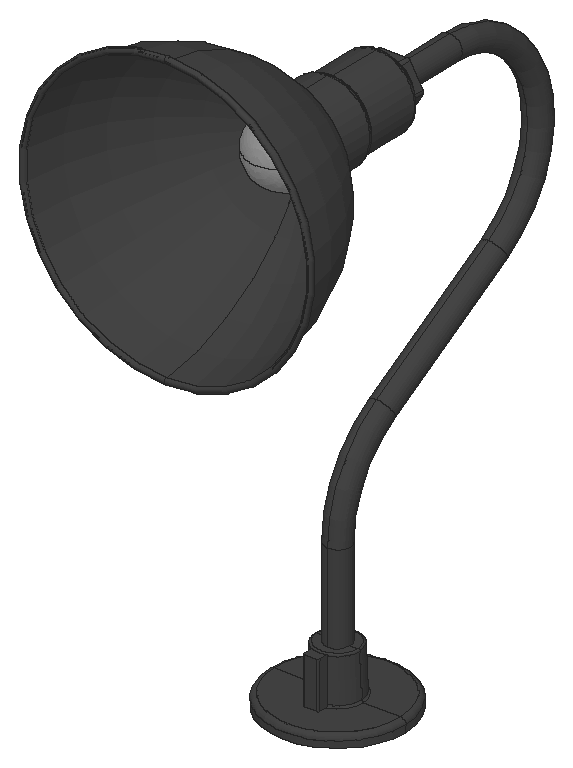
Revit family "BLE-G-DBW-G11-E26", category Lighting Fixtures, host Face, Revit 2022
Family settings
  Host = Face
  Round Connector Dimension = Use Diameter
  Part Type = Normal
  Cut with Voids When Loaded = No
  Light Source = Yes
  Maintain Annotation Orientation = No
  Shared = No
  Room Calculation Point = No
Parameters (values of type "10"")
  Wattage = 5.72229 W
  built-in parameter 1150110 = 1 (stored number, unit not read)
  built-in parameter 1114217 = 1 (stored number, unit not read)
  Tilt Angle = 0.00°
  built-in parameter 1150109 = 1 (stored number, unit not read)
  built-in parameter 1150134 = (empty or 0)
  built-in parameter 1150113 = 1 (stored number, unit not read)
  Gooseneck Material = 100 - Black
  Shade Material = 100 - Black
  Photometric Web File = "generic"
  built-in parameter 1150142 = (empty or 0)
  built-in parameter 1150105 = 67.641 (stored number, unit not read)
  Lumens = 850 lm
  built-in parameter 1150115 = 1 (stored number, unit not read)
  built-in parameter 1150137 = (empty or 0)
  built-in parameter 1150139 = (empty or 0)
  built-in parameter 1150112 = 1 (stored number, unit not read)
  built-in parameter 1150114 = 1 (stored number, unit not read)
  built-in parameter 1150132 = 2
  built-in parameter 1150102 = (empty or 0)
  built-in parameter 1150107 = 3000 (stored number, unit not read)
  built-in parameter 1150138 = (empty or 0)
  built-in parameter 1150106 = 0.67641 (stored number, unit not read)
  24" = no
  built-in parameter 1150104 = 13.8 (stored number, unit not read)
  20" = no
  Dimming Lamp Color Temperature Shift = <None>
  Default Elevation = 4' - 0"
  Color Filter = 16777215
  Base Material = 100 - Black
  built-in parameter 1114218 = 1 (stored number, unit not read)
  built-in parameter 1150133 = 10 (stored number, unit not read)
  16" = no
  14" = no
  12" = no
  10" = yes
Types (7): name | 24" | 20" | 16" | 14" | 12" | 10"
  (no name) | no | no | no | no | no | yes
  12" | no | no | no | no | yes | no
  14" | no | no | no | yes | no | no
  16" | no | no | yes | no | no | no
  10" | no | no | no | no | no | yes
  20" | no | yes | no | no | no | no
  24" | yes | no | no | no | no | no
Reference planes (in)
  plane 1 "Center (Front/Back)": y = 0
  plane 2: z = 0
  plane 3 "Center (Left/Right)": x = 0
Lines and regions (in)
  reference lines
    curve 1: line (0, 32, 0) -> (0, -36, 0)
    curve 2: line (-33.11947, 0, 0) -> (37.88053, 0, 0)
Dimensions and locks (in)
  plane 1 "Center (Front/Back)" to imposter light = 0' - 1 1/2"
  aligned and locked: plane 2 to host face
  aligned and locked: level to host face
  aligned and locked: plane 3 "Center (Left/Right)" to nested 1
  aligned and locked: plane 1 "Center (Front/Back)" to nested 1
  aligned and locked: nested 4 to imposter light
  aligned and locked: plane 3 "Center (Left/Right)" to nested 2
  aligned and locked: nested 3 to plane 3 "Center (Left/Right)"
  aligned and locked: nested 5 to nested 3
  aligned and locked: imposter light to nested 6
  aligned and locked: nested 6 to imposter light
  aligned and locked: nested 5 to imposter light
  aligned and locked: nested 7 to nested 3
  aligned and locked: nested 3 to nested 7
  aligned and locked: imposter light to nested 3
Nested families (in)
  nested 1: "WBP-7501" at (0, 0, 0), type "WBP-7501"
  nested 2: "GNK-5011" at (0, 0, 1.975), type "GNK-5011"
  nested 3: "DBW Shade" at (0, 1.7463, 17.98405) x (0, 0, -1) z (0, -1, 0), type "DBW Shade"
    with 24" no, 20" no, 16" no, 14" no, 12" no
  nested 4: "103264" at (0, -3.60156, 17.98405) x (0, 0, -1) z (0, -1, 0), type "103264"
    with Heat Sink 9" no
  nested 5: "CPL-0004" at (0, 2.39648, 17.98405) x (1, 0, 0) z (0, -1, 0), type "CPL-0004"
  nested 6: "E26 Socket Assy" at (0, 1.70723, 17.98405) x (0, 0, -1) z (0, -1, 0), type "E26 Socket Assy"
  nested 7: "E26 Bulb" at (0, -0.54775, 17.98405) x (1, 0, 0) z (0, -1, 0), type "E26 Bulb"
Connectors (in)
  electrical at (0, 0, 0)
    settings: index 1, voltage 0 V, apparent load 0 VA, apparent load phase1 0 VA, apparent load phase2 0 VA, apparent load phase3 0 VA, power factor 1, load classification "Other", number of poles 1, system type 31, power factor state 1, is connector primary yes, connector utility no, sub classification motor no, connector description ""
Definition of nested family "WBP-7501"
  Parameters (values of type "WBP-7501")
    Default Elevation = 3' - 0"
    Base Material = none
  Reference planes (in)
    plane 1 "Center (Front/Back)": y = 0
    plane 2: z = 0
    plane 3 "Center (Left/Right)": x = 0
    plane 4 "Base Dia": x = -2.325
    plane 5 "Base Height": z = 0.4
    plane 6 "Fillet Radius": z = 0.225
    plane 7: z = 0.458
    plane 8: x = -0.87
    plane 9: x = -0.81
    plane 10: x = -0.76
    plane 11: z = 1.917
    plane 12: z = 1.975
    plane 13: x = -0.7
    plane 14: x = -0.2595
    plane 15: x = 0.2595
    plane 16: y = -1.135
  Forms (in)
    Extrusion 1, solid
      sketch origin (0, 0, 0) x (1, 0, 0) y (0, 1, 0)
        loop
          line (-48, 48) -> (-48, -48) -> (48, -48) -> (48, 48) -> (-48, 48)
      from 0 to -12
    Revolve 2, solid, material <- "Base Material"
      sketch origin (0, 0, 0) x (1, 0, 0) y (0, 0, 1)
        loop
          line (0, 0) -> (0, 1.975) -> (-0.7, 1.975)
          arc (-0.7, 1.975) -> (-0.74172, 1.95814) -> (-0.76, 1.91702) r 0.06003
          line (-0.76, 1.91702) -> (-0.81, 0.458)
          arc (-0.81, 0.458) -> (-0.82699, 0.41699) -> (-0.868, 0.4) r 0.058
          line (-0.868, 0.4) -> (-2.15, 0.4)
          arc (-2.15, 0.4) -> (-2.27374, 0.34874) -> (-2.325, 0.225) r 0.175
          line (-2.325, 0.225) -> (-2.325, 0) -> (0, 0)
        axis (0, 0) -> (0, 1.975)
      angle from 0 to 360
    Extrusion 3, solid, material <- "Base Material"
      sketch origin (0, 0, 0) x (1, 0, 0) y (0, 1, 0)
        loop
          line (-0.2595, -0.76731) -> (-0.2595, -1.075)
          arc (-0.2595, -1.075) -> (-0.24193, -1.11743) -> (-0.1995, -1.135) r 0.06
          line (-0.1995, -1.135) -> (0.1995, -1.135)
          arc (0.1995, -1.135) -> (0.24193, -1.11743) -> (0.2595, -1.075) r 0.06
          line (0.2595, -1.075) -> (0.2595, -0.76731)
          arc (0.2595, -0.76731) -> (0, -0.81) -> (-0.2595, -0.76731) r 0.81
      from 0 to 1.975
  Cuts and joins
    joined: Revolve 2, Extrusion 3
  Dimensions and locks (in)
    plane 4 "Base Dia" to plane 3 "Center (Left/Right)" = 0' - 2.325"
    locked: plane 5 "Base Height" to Extrusion 1 at 0.4
    locked: plane 3 "Center (Left/Right)" to plane 4 "Base Dia" at 2.325
    locked: plane 5 "Base Height" to plane 6 "Fillet Radius" at 0.175
    locked: plane 3 "Center (Left/Right)" to plane 9 at 0.81
    locked: plane 3 "Center (Left/Right)" to plane 8 at 0.87
    locked: plane 3 "Center (Left/Right)" to plane 10 at 0.76
    locked: plane 3 "Center (Left/Right)" to plane 13 at 0.7
    locked: plane 11 to plane 5 "Base Height" at 1.517
    locked: plane 12 to plane 5 "Base Height" at 1.575
    locked: plane 7 to plane 5 "Base Height" at 0.058
    locked: plane 14 to plane 3 "Center (Left/Right)" at 0.2595
    locked: plane 3 "Center (Left/Right)" to plane 15 at 0.2595
    locked: plane 16 to plane 1 "Center (Front/Back)" at 1.135
    radius of Revolve 2 sketch curve = 0' - 0.175"
    aligned and locked: plane 2 to Extrusion 1
    aligned and locked: level to Extrusion 1
    aligned and locked: Revolve 2 sketch curve to plane 5 "Base Height"
    aligned and locked: plane 9 to Revolve 2 sketch curve
    aligned and locked: plane 3 "Center (Left/Right)" to Revolve 2 sketch curve
    aligned and locked: plane 15 to Extrusion 3 sketch curve
    aligned and locked: Extrusion 3 sketch curve to plane 16
    aligned and locked: Extrusion 3 sketch curve to plane 14
  Automatic sketch dimensions
    Extrusion 1 sketch curve to Extrusion 1 sketch curve = 8' - 0"  (x2)
    Revolve 2 sketch curve to level = 0' - 0"
    Revolve 2 sketch curve to plane 4 "Base Dia" = 0' - 0"
    Revolve 2 sketch curve to plane 7 = 0' - 0"  (x2)
    plane 10 to Revolve 2 sketch curve = 0' - 0"
    Revolve 2 sketch curve to plane 12 = 0' - 0"
    Revolve 2 sketch curve to plane 13 = 0' - 0"
    Revolve 2 sketch curve to plane 3 "Center (Left/Right)" = 0' - 0"
    Revolve 2 sketch curve to Revolve 2 sketch curve = 0' - 0.22742"
    Revolve 2 sketch curve to Revolve 2 sketch curve = 0' - 1.76377"
    plane 1 "Center (Front/Back)" to Extrusion 3 sketch curve = 0' - 0"
    Extrusion 3 sketch curve to plane 3 "Center (Left/Right)" = 0' - 0"
    plane 14 to Extrusion 3 sketch curve = 0' - 0.06"
    Extrusion 3 sketch curve to plane 15 = 0' - 0.06"
    Extrusion 3 sketch curve to Extrusion 3 sketch curve = 0' - 0.30769"
Definition of nested family "GNK-5011"
  Parameters (values of type "GNK-5011")
    Gooseneck Material = none
    Default Elevation = 2' - 0"
  Reference planes (in)
    plane 1 "Center (Front/Back)": y = 0
    plane 2: z = 0
    plane 3 "Center (Left/Right)": x = 0
    plane 4 "Wood Height": z = 0
  Forms (in)
    Extrusion 1, solid
      sketch origin (0, 0, 0) x (1, 0, 0) y (0, 1, 0)
        loop
          line (-48, 48) -> (-48, -48) -> (48, -48) -> (48, 48) -> (-48, 48)
      from 0 to -12
    Sweep 2, solid, material <- "Gooseneck Material"
      path origin (0, 0, 0) x (0, 1, 0) y (0, 0, 1)
        loop
          line (0, 0) -> (0, 3.00192)
          arc (0, 3.00192) -> (0.50196, 4.87525) -> (1.87333, 6.24663) r 3.74666
          line (1.87333, 6.24663) -> (6.64647, 9.0024)
          arc (6.64647, 9.0024) -> (8.39369, 13.22057) -> (4.77147, 16) r 3.75
          line (4.77147, 16) -> (2.39648, 16)
      profile origin (0, 0, 1.50096) x (0, -1, 0) y (1, 0, 0)
        loop
          circle (0, 0) r 0.42
  Dimensions and locks (in)
    aligned and locked: plane 2 to Extrusion 1
    aligned and locked: level to Extrusion 1
    aligned and locked: Extrusion 1 to plane 4 "Wood Height"
    aligned and locked: Extrusion 1 to Sweep 2 sketch curve
  Automatic sketch dimensions
    Extrusion 1 sketch curve to Extrusion 1 sketch curve = 8' - 0"  (x2)
    Sweep 2 sketch curve to plane 3 "Center (Left/Right)" = 0' - 0"
    Sweep 2 sketch curve to profile plane = 0' - 0"
    Sweep 2 sketch curve to plane 1 "Center (Front/Back)" = 0' - 0"
    Sweep 2 sketch curve to plane 1 "Center (Front/Back)" = 0' - 1.87333"
    Sweep 2 sketch curve to plane 1 "Center (Front/Back)" = 0' - 4.77147"
    Sweep 2 sketch curve to Sweep 2 sketch curve = 0' - 1 7/8"
    level to Sweep 2 sketch curve = 0' - 3.00192"
    Sweep 2 sketch curve to Sweep 2 sketch curve = 0' - 3.2476"
    Sweep 2 sketch curve to Sweep 2 sketch curve = 0' - 2 3/8"
    radius of Sweep 2 sketch curve = 0' - 0.42"
Definition of nested family "DBW Shade"
  Parameters (values of type "DBW Shade")
    Shade Material = none
    Default Elevation = 2' - 0"
    24" = yes
    20" = yes
    10" = yes
    16" = yes
    14" = yes
    12" = yes
  Reference planes (in)
    plane 1 "Center (Front/Back)": y = 0
    plane 2: z = 0
    plane 3 "Center (Left/Right)": x = 0
  Forms (in)
    Extrusion 1, solid
      sketch origin (0, 0, 0) x (1, 0, 0) y (0, 1, 0)
        loop
          line (-48, 48) -> (-48, -48) -> (48, -48) -> (48, 48) -> (-48, 48)
      from 0 to -12
  Dimensions and locks (in)
    aligned and locked: plane 2 to Extrusion 1
    aligned and locked: level to Extrusion 1
    aligned and locked: plane 1 "Center (Front/Back)" to nested 1
    aligned and locked: plane 3 "Center (Left/Right)" to nested 1
    aligned and locked: plane 3 "Center (Left/Right)" to nested 2
    aligned and locked: plane 1 "Center (Front/Back)" to nested 2
    aligned and locked: plane 1 "Center (Front/Back)" to nested 3
    aligned and locked: plane 3 "Center (Left/Right)" to nested 3
    aligned and locked: plane 1 "Center (Front/Back)" to nested 4
    aligned and locked: plane 1 "Center (Front/Back)" to nested 5
    aligned and locked: plane 3 "Center (Left/Right)" to nested 5
    aligned and locked: plane 3 "Center (Left/Right)" to nested 6
    aligned and locked: plane 1 "Center (Front/Back)" to nested 6
    aligned and locked: plane 3 "Center (Left/Right)" to nested 4
  Nested families (in)
    nested 1: "SHD-0028" at (0, 0, 0), visible <- "10"", type "SHD-0028"
    nested 2: "SHD-0029" at (0, 0, 0), visible <- "12"", type "SHD-0029"
    nested 3: "SHD-0114" at (0, 0, 0), visible <- "14"", type "SHD-0114"
    nested 4: "SHD-0115" at (0, 0, 0), visible <- "16"", type "SHD-0115"
    nested 5: "SHD-0308" at (0, 0, 0), visible <- "24"", type "SHD-0308"
    nested 6: "SHD-0223" at (0, 0, 0), visible <- "20"", type "SHD-0223"
  Definition of nested family "SHD-0028"
    Parameters (values of type "SHD-0028")
      Shade Material = none
      Default Elevation = 2' - 0"
    Reference planes (in)
      plane 1 "Center (Front/Back)": y = 0
      plane 2: z = 0
      plane 3 "Center (Left/Right)": x = 0
      plane 4 "Wood Height": z = 0
      plane 5 "Nut Radius": x = -1.03713
      plane 6 "Nut Flat": x = -0.861
      plane 7 "Shade Thickness": z = 0.04
      plane 8 "Lower Shade bottom": z = 9.109
      plane 9 "Lower Shade Outer Dia": x = -5
      plane 10 "Shade Top Dia": x = -1.20713
      plane 11 "Shade Middle Radius Height1": z = 1.965
      plane 12 "Shade Lower Diameter1": x = -1.44113
      plane 13 "Shade Top Radius": x = -1.29713
      plane 14 "Shade Middle Radious Height2": z = 2.105
      plane 15 "Shade Middle Radius Diameter2": x = -1.41363
      plane 16 "Lip Height": z = 9.029
      plane 17 "Bowl Start": z = 3.545
      plane 18: x = -4.85
      plane 19: z = 9.069
    Forms (in)
      Extrusion 1, solid
        sketch origin (0, 0, 0) x (1, 0, 0) y (0, 1, 0)
          loop
            line (-48, 48) -> (-48, -48) -> (48, -48) -> (48, 48) -> (-48, 48)
        from 0 to -12
      Revolve 2, solid, material <- "Shade Material"
        sketch origin (0, 0, 0) x (1, 0, 0) y (0, 0, 1)
          loop
            line (0, 0) -> (0, 0.03906) -> (-1.20713, 0.03906)
            arc (-1.20713, 0.03906) -> (-1.24314, 0.05398) -> (-1.25806, 0.09) r 0.05094
            line (-1.25806, 0.09) -> (-1.25806, 1.94384)
            arc (-1.25806, 1.94384) -> (-1.26409, 1.97759) -> (-1.28141, 2.00717) r 0.09757
            line (-1.28141, 2.00717) -> (-1.37456, 2.11635) -> (-1.37456, 3.48096)
            arc (-1.37456, 3.48096) -> (-1.39014, 3.54099) -> (-1.43295, 3.58588) r 0.12347
            arc (-1.43295, 3.58588) -> (-3.7536, 5.90437) -> (-4.80544, 9.01154) r 7.20294
            arc (-4.80544, 9.01154) -> (-4.99326, 9.04214) -> (-4.84504, 8.9228) r 0.09841
            line (-4.84504, 8.9228) -> (-4.86619, 8.95581)
            arc (-4.86619, 8.95581) -> (-4.95809, 9.02506) -> (-4.84432, 9.00777) r 0.05934
            arc (-4.84432, 9.00777) -> (-3.78678, 5.88375) -> (-1.45354, 3.55268) r 7.242
            arc (-1.45354, 3.55268) -> (-1.42428, 3.522) -> (-1.41363, 3.48096) r 0.0844
            line (-1.41363, 3.48096) -> (-1.41363, 2.13147)
            arc (-1.41363, 2.13147) -> (-1.40868, 2.10377) -> (-1.39446, 2.07949) r 0.08009
            line (-1.39446, 2.07949) -> (-1.31112, 1.98181)
            arc (-1.31112, 1.98181) -> (-1.30074, 1.96408) -> (-1.29713, 1.94384) r 0.0585
            line (-1.29713, 1.94384) -> (-1.29713, 0.09)
            arc (-1.29713, 0.09) -> (-1.27077, 0.02636) -> (-1.20713, 0) r 0.09
            line (-1.20713, 0) -> (0, 0)
          axis (0, 9.01154) -> (0, 0)
        angle from 0 to 360
    Dimensions and locks (in)
      locked: plane 6 "Nut Flat" to plane 3 "Center (Left/Right)" at 0.861
      locked: plane 7 "Shade Thickness" to plane 4 "Wood Height" at 0.04
      locked: plane 3 "Center (Left/Right)" to plane 9 "Lower Shade Outer Dia" at 5
      locked: plane 11 "Shade Middle Radius Height1" to plane 4 "Wood Height" at 1.965
      locked: plane 14 "Shade Middle Radious Height2" to plane 4 "Wood Height" at 2.105
      locked: plane 8 "Lower Shade bottom" to plane 16 "Lip Height" at 0.08
      locked: plane 17 "Bowl Start" to plane 4 "Wood Height" at 3.545
      locked: plane 18 to plane 9 "Lower Shade Outer Dia" at 0.15
      locked: plane 8 "Lower Shade bottom" to plane 19 at 0.04
      locked: plane 8 "Lower Shade bottom" to plane 4 "Wood Height" at 9.109
      aligned and locked: plane 2 to Extrusion 1
      aligned and locked: level to Extrusion 1
      aligned and locked: plane 4 "Wood Height" to Revolve 2 sketch curve
      aligned and locked: plane 10 "Shade Top Dia" to Revolve 2 sketch curve
      aligned and locked: Revolve 2 sketch curve to plane 15 "Shade Middle Radius Diameter2"
      aligned and locked: Revolve 2 sketch curve to plane 13 "Shade Top Radius"
      aligned and locked: Extrusion 1 to plane 4 "Wood Height"
    Automatic sketch dimensions
      Extrusion 1 sketch curve to Extrusion 1 sketch curve = 8' - 0"  (x2)
      Revolve 2 sketch curve to Revolve 2 sketch curve = 0' - 0"  (x12)
      Revolve 2 sketch curve to plane 3 "Center (Left/Right)" = 0' - 0"  (x2)
      plane 18 to Revolve 2 sketch curve = 0' - 0.00496"
      Revolve 2 sketch curve to plane 18 = 0' - 0.01619"
      plane 15 "Shade Middle Radius Diameter2" to Revolve 2 sketch curve = 0' - 0.01916"
      plane 14 "Shade Middle Radious Height2" to Revolve 2 sketch curve = 0' - 0.01135"
      plane 15 "Shade Middle Radius Diameter2" to Revolve 2 sketch curve = 0' - 0 5/128"
      Revolve 2 sketch curve to plane 11 "Shade Middle Radius Height1" = 0' - 0.02116"
      plane 15 "Shade Middle Radius Diameter2" to Revolve 2 sketch curve = 0' - 0.058"
      plane 14 "Shade Middle Radious Height2" to Revolve 2 sketch curve = 0' - 0.02647"
      Revolve 2 sketch curve to plane 13 "Shade Top Radius" = 0' - 0.01572"
      Revolve 2 sketch curve to Revolve 2 sketch curve = 0' - 0 5/128"
      Revolve 2 sketch curve to plane 17 "Bowl Start" = 0' - 0.06404"
      plane 18 to Revolve 2 sketch curve = 0' - 0.00568"
      plane 17 "Bowl Start" to Revolve 2 sketch curve = 0' - 0.15101"
      Revolve 2 sketch curve to Revolve 2 sketch curve = 0' - 2.15863"
      Revolve 2 sketch curve to plane 12 "Shade Lower Diameter1" = 0' - 0.00818"
      Revolve 2 sketch curve to Revolve 2 sketch curve = 0' - 0.03888"  (x2)
      Revolve 2 sketch curve to Revolve 2 sketch curve = 0' - 0.03301"
      Revolve 2 sketch curve to Revolve 2 sketch curve = 0' - 0.02059"
      Revolve 2 sketch curve to Revolve 2 sketch curve = 0' - 0.03319"
  Definition of nested family "SHD-0029"
    Parameters (values of type "SHD-0029")
      Shade Material = none
      Default Elevation = 2' - 0"
    Reference planes (in)
      plane 1 "Center (Front/Back)": y = 0
      plane 2: z = 0
      plane 3 "Center (Left/Right)": x = 0
      plane 4 "Wood Height": z = 0
      plane 5 "Nut Radius": x = -1.03713
      plane 6 "Nut Flat": x = -0.861
      plane 7 "Shade Thickness": z = 0.04
      plane 8 "Shade Top Dia": x = -1.20713
      plane 9 "Shade Middle Radius Height1": z = 1.965
      plane 10 "Shade Lower Diameter1": x = -1.44113
      plane 11 "Shade Top Radius": x = -1.29713
      plane 12 "Shade Middle Radious Height2": z = 2.105
      plane 13 "Shade Middle Radius Diameter2": x = -1.41363
      plane 14 "Bowl Start": z = 3.545
    Forms (in)
      Extrusion 1, solid
        sketch origin (0, 0, 0) x (1, 0, 0) y (0, 1, 0)
          loop
            line (-48, 48) -> (-48, -48) -> (48, -48) -> (48, 48) -> (-48, 48)
        from 0 to -12
      Revolve 2, solid, material <- "Shade Material"
        sketch origin (0, 0, 0) x (1, 0, 0) y (0, 0, 1)
          loop
            line (0, 0) -> (0, 0.03906) -> (-1.20713, 0.03906)
            arc (-1.20713, 0.03906) -> (-1.24314, 0.05398) -> (-1.25806, 0.09) r 0.05094
            line (-1.25806, 0.09) -> (-1.25806, 1.94384)
            arc (-1.25806, 1.94384) -> (-1.26409, 1.97759) -> (-1.28141, 2.00717) r 0.09757
            line (-1.28141, 2.00717) -> (-1.37456, 2.11635) -> (-1.37456, 3.49488)
            arc (-1.37456, 3.49488) -> (-1.3856, 3.54027) -> (-1.41623, 3.57553) r 0.09889
            arc (-1.41623, 3.57553) -> (-4.2546, 6.22323) -> (-5.80711, 9.7808) r 9.56481
            arc (-5.80711, 9.7808) -> (-5.99536, 9.79563) -> (-5.84506, 9.68132) r 0.09841
            line (-5.84506, 9.68132) -> (-5.86621, 9.71432)
            arc (-5.86621, 9.71432) -> (-5.9593, 9.78052) -> (-5.84534, 9.77276) r 0.05934
            arc (-5.84534, 9.77276) -> (-4.28694, 6.2013) -> (-1.43786, 3.54296) r 9.60387
            arc (-1.43786, 3.54296) -> (-1.42003, 3.5218) -> (-1.41363, 3.49488) r 0.05982
            line (-1.41363, 3.49488) -> (-1.41363, 2.13147)
            arc (-1.41363, 2.13147) -> (-1.40868, 2.10377) -> (-1.39446, 2.07949) r 0.08009
            line (-1.39446, 2.07949) -> (-1.31112, 1.98181)
            arc (-1.31112, 1.98181) -> (-1.30074, 1.96408) -> (-1.29713, 1.94384) r 0.0585
            line (-1.29713, 1.94384) -> (-1.29713, 0.09)
            arc (-1.29713, 0.09) -> (-1.27077, 0.02636) -> (-1.20713, 0) r 0.09
            line (-1.20713, 0) -> (0, 0)
          axis (0, 9.7808) -> (0, 0)
        angle from 0 to 360
    Dimensions and locks (in)
      locked: plane 6 "Nut Flat" to plane 3 "Center (Left/Right)" at 0.861
      locked: plane 7 "Shade Thickness" to plane 4 "Wood Height" at 0.04
      locked: plane 9 "Shade Middle Radius Height1" to plane 4 "Wood Height" at 1.965
      locked: plane 12 "Shade Middle Radious Height2" to plane 4 "Wood Height" at 2.105
      locked: plane 14 "Bowl Start" to plane 4 "Wood Height" at 3.545
      aligned and locked: plane 2 to Extrusion 1
      aligned and locked: level to Extrusion 1
      aligned and locked: plane 4 "Wood Height" to Revolve 2 sketch curve
      aligned and locked: plane 8 "Shade Top Dia" to Revolve 2 sketch curve
      aligned and locked: Revolve 2 sketch curve to plane 13 "Shade Middle Radius Diameter2"
      aligned and locked: Revolve 2 sketch curve to plane 11 "Shade Top Radius"
      aligned and locked: Extrusion 1 to plane 4 "Wood Height"
    Automatic sketch dimensions
      Extrusion 1 sketch curve to Extrusion 1 sketch curve = 8' - 0"  (x2)
      Revolve 2 sketch curve to Revolve 2 sketch curve = 0' - 0"  (x15)
      Revolve 2 sketch curve to plane 3 "Center (Left/Right)" = 0' - 0"  (x2)
      plane 10 "Shade Lower Diameter1" to Revolve 2 sketch curve = 0' - 0.03232"
      Revolve 2 sketch curve to Revolve 2 sketch curve = 0' - 0.02115"
      Revolve 2 sketch curve to Revolve 2 sketch curve = 0' - 0.0372"
      plane 13 "Shade Middle Radius Diameter2" to Revolve 2 sketch curve = 0' - 0.01916"
      plane 12 "Shade Middle Radious Height2" to Revolve 2 sketch curve = 0' - 0.01135"
      plane 13 "Shade Middle Radius Diameter2" to Revolve 2 sketch curve = 0' - 0 5/128"
      Revolve 2 sketch curve to plane 9 "Shade Middle Radius Height1" = 0' - 0.02116"
      plane 13 "Shade Middle Radius Diameter2" to Revolve 2 sketch curve = 0' - 0.058"
      plane 12 "Shade Middle Radious Height2" to Revolve 2 sketch curve = 0' - 0.02647"
      Revolve 2 sketch curve to plane 11 "Shade Top Radius" = 0' - 0.01572"
      Revolve 2 sketch curve to Revolve 2 sketch curve = 0' - 0 5/128"
      Revolve 2 sketch curve to plane 14 "Bowl Start" = 0' - 0.05012"
      Revolve 2 sketch curve to Revolve 2 sketch curve = 0' - 0.03301"
      Revolve 2 sketch curve to Revolve 2 sketch curve = 0' - 0.04623"
      Revolve 2 sketch curve to plane 13 "Shade Middle Radius Diameter2" = 0' - 0.00261"
      Revolve 2 sketch curve to plane 14 "Bowl Start" = 0' - 0.00204"
      plane 14 "Bowl Start" to Revolve 2 sketch curve = 0' - 0.15101"
      Revolve 2 sketch curve to Revolve 2 sketch curve = 0' - 2.15863"
      plane 10 "Shade Lower Diameter1" to Revolve 2 sketch curve = 0' - 4.40394"
      plane 3 "Center (Left/Right)" to Revolve 2 sketch curve = 0' - 3.5532"
      plane 14 "Bowl Start" to Revolve 2 sketch curve = 0' - 6.13632"
  Definition of nested family "SHD-0114"
    Parameters (values of type "SHD-0114")
      Shade Material = none
      Default Elevation = 2' - 0"
    Reference planes (in)
      plane 1 "Center (Front/Back)": y = 0
      plane 2: z = 0
      plane 3 "Center (Left/Right)": x = 0
      plane 4 "Wood Height": z = 0
    Forms (in)
      Extrusion 1, solid
        sketch origin (0, 0, 0) x (1, 0, 0) y (0, 1, 0)
          loop
            line (-48, 48) -> (-48, -48) -> (48, -48) -> (48, 48) -> (-48, 48)
        from 0 to -12
      Revolve 2, solid, material <- "Shade Material"
        sketch origin (0, 0, 0) x (1, 0, 0) y (0, 0, 1)
          loop
            line (0, 0) -> (0, 0.03906) -> (-1.45545, 0.03906)
            arc (-1.45545, 0.03906) -> (-1.49164, 0.05405) -> (-1.50663, 0.09025) r 0.05119
            line (-1.50663, 0.09025) -> (-1.50663, 2.07228)
            arc (-1.50663, 2.07228) -> (-1.51325, 2.1034) -> (-1.53194, 2.12913) r 0.0765
            line (-1.53194, 2.12913) -> (-1.59895, 2.18946)
            arc (-1.59895, 2.18946) -> (-1.61737, 2.21483) -> (-1.62389, 2.24549) r 0.07539
            line (-1.62389, 2.24549) -> (-1.62389, 3.76049)
            arc (-1.62389, 3.76049) -> (-1.63985, 3.81863) -> (-1.68326, 3.86047) r 0.11386
            arc (-1.68326, 3.86047) -> (-5.12462, 6.95788) -> (-6.79993, 11.27416) r 9.99002
            arc (-6.79993, 11.27416) -> (-6.99505, 11.29998) -> (-6.84047, 11.17815) r 0.10205
            line (-6.84047, 11.17815) -> (-6.86365, 11.20959)
            arc (-6.86365, 11.20959) -> (-6.95906, 11.28479) -> (-6.83863, 11.26885) r 0.06299
            arc (-6.83863, 11.26885) -> (-5.15677, 6.93569) -> (-1.70196, 3.82617) r 10.02909
            arc (-1.70196, 3.82617) -> (-1.67344, 3.79868) -> (-1.66295, 3.76049) r 0.07479
            line (-1.66295, 3.76049) -> (-1.66295, 2.24549)
            arc (-1.66295, 2.24549) -> (-1.65306, 2.19894) -> (-1.62508, 2.16043) r 0.11445
            line (-1.62508, 2.16043) -> (-1.55808, 2.1001)
            arc (-1.55808, 2.1001) -> (-1.54893, 2.08751) -> (-1.54569, 2.07228) r 0.03743
            line (-1.54569, 2.07228) -> (-1.54569, 0.09025)
            arc (-1.54569, 0.09025) -> (-1.51926, 0.02643) -> (-1.45545, 0) r 0.09025
            line (-1.45545, 0) -> (0, 0)
          axis (0, 11.27416) -> (0, 0)
        angle from 0 to 360
    Dimensions and locks (in)
      aligned and locked: plane 2 to Extrusion 1
      aligned and locked: level to Extrusion 1
      aligned and locked: Extrusion 1 to plane 4 "Wood Height"
    Automatic sketch dimensions
      Extrusion 1 sketch curve to Extrusion 1 sketch curve = 8' - 0"  (x2)
      Revolve 2 sketch curve to Revolve 2 sketch curve = 0' - 0"  (x25)
      Revolve 2 sketch curve to level = 0' - 0"
      Revolve 2 sketch curve to plane 3 "Center (Left/Right)" = 0' - 0"  (x2)
      Revolve 2 sketch curve to Revolve 2 sketch curve = 0' - 0.01239"
      Revolve 2 sketch curve to Revolve 2 sketch curve = 0' - 0.07479"
      Revolve 2 sketch curve to Revolve 2 sketch curve = 0' - 0.02318"
      Revolve 2 sketch curve to Revolve 2 sketch curve = 0' - 0.03738"
      Revolve 2 sketch curve to Revolve 2 sketch curve = 0' - 0.03144"
      Revolve 2 sketch curve to Revolve 2 sketch curve = 0' - 0.0507"
      Revolve 2 sketch curve to Revolve 2 sketch curve = 0' - 0.01869"  (x2)
      Revolve 2 sketch curve to Revolve 2 sketch curve = 0' - 2.15863"
      plane 3 "Center (Left/Right)" to Revolve 2 sketch curve = 0' - 3.09734"
      Revolve 2 sketch curve to Revolve 2 sketch curve = 0' - 0.02614"
      Revolve 2 sketch curve to Revolve 2 sketch curve = 0' - 0 5/128"  (x2)
      Revolve 2 sketch curve to Revolve 2 sketch curve = 0' - 1.45545"
      Revolve 2 sketch curve to Revolve 2 sketch curve = 0' - 0.05119"
      Revolve 2 sketch curve to Revolve 2 sketch curve = 0' - 0.02531"
      Revolve 2 sketch curve to Revolve 2 sketch curve = 0' - 0.01656"
      Revolve 2 sketch curve to Revolve 2 sketch curve = 0' - 0.02505"
      Revolve 2 sketch curve to Revolve 2 sketch curve = 0' - 0.05045"
      Revolve 2 sketch curve to plane 3 "Center (Left/Right)" = 0' - 6.84047"
      Revolve 2 sketch curve to Revolve 2 sketch curve = 0' - 1.98204"
      Revolve 2 sketch curve to Revolve 2 sketch curve = 0' - 1.515"
      Revolve 2 sketch curve to Revolve 2 sketch curve = 0' - 7.41765"
      Revolve 2 sketch curve to Revolve 2 sketch curve = 0' - 0.06448"
  Definition of nested family "SHD-0115"
    Parameters (values of type "SHD-0115")
      Shade Material = none
      Default Elevation = 2' - 0"
    Reference planes (in)
      plane 1 "Center (Front/Back)": y = 0
      plane 2: z = 0
      plane 3 "Center (Left/Right)": x = 0
      plane 4 "Wood Height": z = 0
    Forms (in)
      Extrusion 1, solid
        sketch origin (0, 0, 0) x (1, 0, 0) y (0, 1, 0)
          loop
            line (-48, 48) -> (-48, -48) -> (48, -48) -> (48, 48) -> (-48, 48)
        from 0 to -12
      Revolve 2, solid, material <- "Shade Material"
        sketch origin (0, 0, 0) x (1, 0, 0) y (0, 0, 1)
          loop
            line (0, 0) -> (0, 0.03906) -> (-1.45545, 0.03906)
            arc (-1.45545, 0.03906) -> (-1.49164, 0.05405) -> (-1.50663, 0.09025) r 0.05119
            line (-1.50663, 0.09025) -> (-1.50663, 2.07228)
            arc (-1.50663, 2.07228) -> (-1.51325, 2.1034) -> (-1.53194, 2.12913) r 0.0765
            line (-1.53194, 2.12913) -> (-1.59895, 2.18946)
            arc (-1.59895, 2.18946) -> (-1.61737, 2.21483) -> (-1.62389, 2.24549) r 0.07539
            line (-1.62389, 2.24549) -> (-1.62389, 3.76049)
            arc (-1.62389, 3.76049) -> (-1.64115, 3.82076) -> (-1.6877, 3.86276) r 0.11386
            arc (-1.6877, 3.86276) -> (-5.9143, 7.51176) -> (-7.79992, 12.76759) r 10.98102
            arc (-7.79992, 12.76759) -> (-7.99459, 12.80067) -> (-7.84102, 12.67655) r 0.10205
            line (-7.84102, 12.67655) -> (-7.8642, 12.70799)
            arc (-7.8642, 12.70799) -> (-7.95899, 12.7846) -> (-7.83883, 12.76418) r 0.06299
            arc (-7.83883, 12.76418) -> (-5.94651, 7.48965) -> (-1.70487, 3.82767) r 11.02008
            arc (-1.70487, 3.82767) -> (-1.67429, 3.80009) -> (-1.66295, 3.76049) r 0.07479
            line (-1.66295, 3.76049) -> (-1.66295, 2.24549)
            arc (-1.66295, 2.24549) -> (-1.65306, 2.19894) -> (-1.62508, 2.16043) r 0.11445
            line (-1.62508, 2.16043) -> (-1.55808, 2.1001)
            arc (-1.55808, 2.1001) -> (-1.54893, 2.08751) -> (-1.54569, 2.07228) r 0.03743
            line (-1.54569, 2.07228) -> (-1.54569, 0.09025)
            arc (-1.54569, 0.09025) -> (-1.51926, 0.02643) -> (-1.45545, 0) r 0.09025
            line (-1.45545, 0) -> (0, 0)
          axis (0, 12.76759) -> (0, 0)
        angle from 0 to 360
    Dimensions and locks (in)
      aligned and locked: plane 2 to Extrusion 1
      aligned and locked: level to Extrusion 1
      aligned and locked: Extrusion 1 to plane 4 "Wood Height"
    Automatic sketch dimensions
      Extrusion 1 sketch curve to Extrusion 1 sketch curve = 8' - 0"  (x2)
      Revolve 2 sketch curve to Revolve 2 sketch curve = 0' - 0"  (x16)
      Revolve 2 sketch curve to level = 0' - 0"
      Revolve 2 sketch curve to plane 3 "Center (Left/Right)" = 0' - 0"  (x2)
      Revolve 2 sketch curve to Revolve 2 sketch curve = 0' - 1.45545"
      Revolve 2 sketch curve to plane 3 "Center (Left/Right)" = 0' - 1.50663"
      Revolve 2 sketch curve to Revolve 2 sketch curve = 0' - 0.02531"
      Revolve 2 sketch curve to Revolve 2 sketch curve = 0' - 0 5/128"
      Revolve 2 sketch curve to Revolve 2 sketch curve = 0' - 0.01656"
      Revolve 2 sketch curve to Revolve 2 sketch curve = 0' - 0.01239"
      Revolve 2 sketch curve to Revolve 2 sketch curve = 0' - 0.02505"
      Revolve 2 sketch curve to Revolve 2 sketch curve = 0' - 0.05045"
      Revolve 2 sketch curve to Revolve 2 sketch curve = 0' - 0.02494"
      Revolve 2 sketch curve to Revolve 2 sketch curve = 0' - 0.02614"
      Revolve 2 sketch curve to Revolve 2 sketch curve = 0' - 0.07479"
      Revolve 2 sketch curve to Revolve 2 sketch curve = 0' - 0.02318"
      Revolve 2 sketch curve to Revolve 2 sketch curve = 0' - 0.03738"
      plane 3 "Center (Left/Right)" to Revolve 2 sketch curve = 0' - 3.13919"
      Revolve 2 sketch curve to Revolve 2 sketch curve = 0' - 1.98204"
      Revolve 2 sketch curve to Revolve 2 sketch curve = 0' - 1.515"
      Revolve 2 sketch curve to Revolve 2 sketch curve = 0' - 0.03144"
      Revolve 2 sketch curve to Revolve 2 sketch curve = 0' - 0.0507"
      Revolve 2 sketch curve to Revolve 2 sketch curve = 0' - 1.04947"
      Revolve 2 sketch curve to Revolve 2 sketch curve = 0' - 0.03891"
      Revolve 2 sketch curve to Revolve 2 sketch curve = 0' - 0.06448"
      Revolve 2 sketch curve to Revolve 2 sketch curve = 0' - 2.15863"
  Definition of nested family "SHD-0308"
    Parameters (values of type "SHD-0308")
      Shade Material = none
      Default Elevation = 2' - 0"
    Reference planes (in)
      plane 1 "Center (Front/Back)": y = 0
      plane 2: z = 0
      plane 3 "Center (Left/Right)": x = 0
      plane 4 "Wood Height": z = 0
    Forms (in)
      Extrusion 1, solid
        sketch origin (0, 0, 0) x (1, 0, 0) y (0, 1, 0)
          loop
            line (-48, 48) -> (-48, -48) -> (48, -48) -> (48, 48) -> (-48, 48)
        from 0 to -12
      Revolve 2, solid, material <- "Shade Material"
        sketch origin (0, 0, 0) x (1, 0, 0) y (0, 0, 1)
          loop
            line (0, 0) -> (0, 0.03906) -> (-2.22237, 0.03906)
            arc (-2.22237, 0.03906) -> (-2.2742, 0.06053) -> (-2.29567, 0.11236) r 0.0733
            line (-2.29567, 0.11236) -> (-2.29567, 3.09806)
            arc (-2.29567, 3.09806) -> (-2.30835, 3.16758) -> (-2.34475, 3.22814) r 0.19691
            line (-2.34475, 3.22814) -> (-2.42725, 3.32189)
            arc (-2.42725, 3.32189) -> (-2.46224, 3.38009) -> (-2.47442, 3.4469) r 0.18923
            line (-2.47442, 3.4469) -> (-2.47442, 5.72055)
            arc (-2.47442, 5.72055) -> (-2.4994, 5.80773) -> (-2.56677, 5.86845) r 0.16462
            arc (-2.56677, 5.86845) -> (-9.0535, 11.47959) -> (-11.91654, 19.56448) r 16.76616
            arc (-11.91654, 19.56448) -> (-11.93143, 19.59499) -> (-11.96306, 19.60734) r 0.04667
            line (-11.96306, 19.60734) -> (-12.00319, 19.60734)
            arc (-12.00319, 19.60734) -> (-12.07667, 19.53386) -> (-12.00319, 19.46037) r 0.07348
            line (-12.00319, 19.46037) -> (-11.96309, 19.46037) -> (-11.96309, 19.49944) -> (-12.00319, 19.49944)
            arc (-12.00319, 19.49944) -> (-12.03761, 19.53386) -> (-12.00319, 19.56828) r 0.03442
            line (-12.00319, 19.56828) -> (-11.95604, 19.56828)
            arc (-11.95604, 19.56828) -> (-9.08774, 11.46046) -> (-2.58392, 5.83336) r 16.80523
            arc (-2.58392, 5.83336) -> (-2.53254, 5.78704) -> (-2.51348, 5.72055) r 0.12556
            line (-2.51348, 5.72055) -> (-2.51348, 3.4469)
            arc (-2.51348, 3.4469) -> (-2.49878, 3.3663) -> (-2.45658, 3.29609) r 0.22829
            line (-2.45658, 3.29609) -> (-2.37408, 3.20234)
            arc (-2.37408, 3.20234) -> (-2.34489, 3.15379) -> (-2.33473, 3.09806) r 0.15785
            line (-2.33473, 3.09806) -> (-2.33473, 0.11236)
            arc (-2.33473, 0.11236) -> (-2.30182, 0.03291) -> (-2.22237, 0) r 0.11236
            line (-2.22237, 0) -> (0, 0)
          axis (0, 19.60734) -> (0, 0)
        angle from 0 to 360
    Dimensions and locks (in)
      aligned and locked: plane 2 to Extrusion 1
      aligned and locked: level to Extrusion 1
      aligned and locked: Extrusion 1 to plane 4 "Wood Height"
    Automatic sketch dimensions
      Extrusion 1 sketch curve to Extrusion 1 sketch curve = 8' - 0"  (x2)
      Revolve 2 sketch curve to Revolve 2 sketch curve = 0' - 0"  (x24)
      Revolve 2 sketch curve to level = 0' - 0"
      Revolve 2 sketch curve to plane 3 "Center (Left/Right)" = 0' - 0"  (x2)
      Revolve 2 sketch curve to Revolve 2 sketch curve = 0' - 0.01047"
      Revolve 2 sketch curve to Revolve 2 sketch curve = 0' - 0.01002"
      Revolve 2 sketch curve to Revolve 2 sketch curve = 0' - 0.02933"  (x2)
      Revolve 2 sketch curve to Revolve 2 sketch curve = 0' - 0.04717"
      Revolve 2 sketch curve to Revolve 2 sketch curve = 0' - 0.12556"
      Revolve 2 sketch curve to Revolve 2 sketch curve = 0' - 0.00701"
      Revolve 2 sketch curve to Revolve 2 sketch curve = 0' - 0.00004"
      Revolve 2 sketch curve to Revolve 2 sketch curve = 0' - 0.04013"
      plane 3 "Center (Left/Right)" to Revolve 2 sketch curve = 0' - 4.79372"
      Revolve 2 sketch curve to Revolve 2 sketch curve = 0' - 0 5/128"  (x2)
      Revolve 2 sketch curve to Revolve 2 sketch curve = 0' - 2.9857"
      Revolve 2 sketch curve to Revolve 2 sketch curve = 0' - 2.27365"
      Revolve 2 sketch curve to Revolve 2 sketch curve = 0' - 0.03442"
      Revolve 2 sketch curve to Revolve 2 sketch curve = 0' - 0.00761"
      Revolve 2 sketch curve to Revolve 2 sketch curve = 0' - 0.24911"
      Revolve 2 sketch curve to Revolve 2 sketch curve = 0' - 2.15863"
      Revolve 2 sketch curve to Revolve 2 sketch curve = 0' - 2.22237"
      Revolve 2 sketch curve to plane 3 "Center (Left/Right)" = 0' - 2.28519"
      Revolve 2 sketch curve to plane 3 "Center (Left/Right)" = 0' - 11.95604"
      Revolve 2 sketch curve to Revolve 2 sketch curve = 1' - 1.73983"
      Revolve 2 sketch curve to Revolve 2 sketch curve = 1' - 3.07792"
  Definition of nested family "SHD-0223"
    Parameters (values of type "SHD-0223")
      Shade Material = none
      Default Elevation = 2' - 0"
    Reference planes (in)
      plane 1 "Center (Front/Back)": y = 0
      plane 2: z = 0
      plane 3 "Center (Left/Right)": x = 0
      plane 4 "Wood Height": z = 0
    Forms (in)
      Extrusion 1, solid
        sketch origin (0, 0, 0) x (1, 0, 0) y (0, 1, 0)
          loop
            line (-48, 48) -> (-48, -48) -> (48, -48) -> (48, 48) -> (-48, 48)
        from 0 to -12
      Revolve 2, solid, material <- "Shade Material"
        sketch origin (0, 0, 0) x (1, 0, 0) y (0, 0, 1)
          loop
            line (0, 0) -> (0, 0.03906) -> (-1.8485, 0.03906)
            arc (-1.8485, 0.03906) -> (-1.88896, 0.05582) -> (-1.90572, 0.09628) r 0.05722
            line (-1.90572, 0.09628) -> (-1.90572, 2.57881)
            arc (-1.90572, 2.57881) -> (-1.9168, 2.64011) -> (-1.94865, 2.69364) r 0.17504
            line (-1.94865, 2.69364) -> (-2.01787, 2.77327)
            arc (-2.01787, 2.77327) -> (-2.04498, 2.81883) -> (-2.05441, 2.871) r 0.14898
            line (-2.05441, 2.871) -> (-2.05441, 4.7663)
            arc (-2.05441, 4.7663) -> (-2.07634, 4.84285) -> (-2.13548, 4.89618) r 0.14458
            arc (-2.13548, 4.89618) -> (-7.53748, 9.56968) -> (-9.92412, 16.30223) r 13.97395
            arc (-9.92412, 16.30223) -> (-9.93712, 16.32887) -> (-9.96474, 16.33964) r 0.04076
            line (-9.96474, 16.33964) -> (-10.00281, 16.33964)
            arc (-10.00281, 16.33964) -> (-10.06432, 16.27814) -> (-10.00281, 16.21663) r 0.06151
            line (-10.00281, 16.21663) -> (-9.96563, 16.21663) -> (-9.96563, 16.25569) -> (-10.00281, 16.25569)
            arc (-10.00281, 16.25569) -> (-10.02526, 16.27814) -> (-10.00281, 16.30058) r 0.02244
            line (-10.00281, 16.30058) -> (-9.96317, 16.30058)
            arc (-9.96317, 16.30058) -> (-7.57018, 9.5483) -> (-2.15264, 4.86109) r 14.01301
            arc (-2.15264, 4.86109) -> (-2.10948, 4.82217) -> (-2.09348, 4.7663) r 0.10551
            line (-2.09348, 4.7663) -> (-2.09348, 2.871)
            arc (-2.09348, 2.871) -> (-2.08157, 2.80515) -> (-2.04735, 2.74764) r 0.18804
            line (-2.04735, 2.74764) -> (-1.97814, 2.66801)
            arc (-1.97814, 2.66801) -> (-1.95339, 2.62643) -> (-1.94478, 2.57881) r 0.13598
            line (-1.94478, 2.57881) -> (-1.94478, 0.09628)
            arc (-1.94478, 0.09628) -> (-1.91658, 0.0282) -> (-1.8485, 0) r 0.09628
            line (-1.8485, 0) -> (0, 0)
          axis (0, 16.33964) -> (0, 0)
        angle from 0 to 360
    Dimensions and locks (in)
      aligned and locked: plane 2 to Extrusion 1
      aligned and locked: level to Extrusion 1
      aligned and locked: Extrusion 1 to plane 4 "Wood Height"
    Automatic sketch dimensions
      Extrusion 1 sketch curve to Extrusion 1 sketch curve = 8' - 0"  (x2)
      Revolve 2 sketch curve to Revolve 2 sketch curve = 0' - 0"  (x24)
      Revolve 2 sketch curve to level = 0' - 0"
      Revolve 2 sketch curve to plane 3 "Center (Left/Right)" = 0' - 0"  (x2)
      Revolve 2 sketch curve to Revolve 2 sketch curve = 0' - 0.05722"
      Revolve 2 sketch curve to Revolve 2 sketch curve = 0' - 0.00387"
      Revolve 2 sketch curve to Revolve 2 sketch curve = 0' - 0.02948"  (x2)
      Revolve 2 sketch curve to Revolve 2 sketch curve = 0' - 0.06922"
      Revolve 2 sketch curve to Revolve 2 sketch curve = 0' - 0.10551"
      Revolve 2 sketch curve to Revolve 2 sketch curve = 0' - 0.00156"
      Revolve 2 sketch curve to Revolve 2 sketch curve = 0' - 0.0009"
      Revolve 2 sketch curve to Revolve 2 sketch curve = 0' - 0.03807"
      plane 3 "Center (Left/Right)" to Revolve 2 sketch curve = 0' - 4.00263"
      Revolve 2 sketch curve to Revolve 2 sketch curve = 0' - 0 5/128"  (x2)
      Revolve 2 sketch curve to Revolve 2 sketch curve = 0' - 0.02244"
      Revolve 2 sketch curve to Revolve 2 sketch curve = 0' - 0.0017"
      Revolve 2 sketch curve to Revolve 2 sketch curve = 0' - 2.15863"
      Revolve 2 sketch curve to Revolve 2 sketch curve = 0' - 11.59521"
      Revolve 2 sketch curve to Revolve 2 sketch curve = 0' - 1.8485"
      Revolve 2 sketch curve to Revolve 2 sketch curve = 0' - 0.00028"
      Revolve 2 sketch curve to plane 3 "Center (Left/Right)" = 0' - 9.96317"
      Revolve 2 sketch curve to Revolve 2 sketch curve = 0' - 2.48252"
      Revolve 2 sketch curve to Revolve 2 sketch curve = 0' - 1.89529"
      Revolve 2 sketch curve to Revolve 2 sketch curve = 0' - 11.45033"
      Revolve 2 sketch curve to Revolve 2 sketch curve = 0' - 1.11021"
Definition of nested family "CPL-0004"
  Parameters (values of type "CPL-0004")
    Coupler Material = none
    Default Elevation = 2' - 0"
  Reference planes (in)
    plane 1 "Center (Front/Back)": y = 0
    plane 2: z = 0
    plane 3 "Center (Left/Right)": x = 0
    plane 4 "Wood Height": z = 0
    plane 5: y = 0.875
    plane 6: z = 0.4
  Forms (in)
    Extrusion 1, solid
      sketch origin (0, 0, 0) x (1, 0, 0) y (0, 1, 0)
        loop
          line (-48, 48) -> (-48, -48) -> (48, -48) -> (48, 48) -> (-48, 48)
      from 0 to -12
    Extrusion 2, solid, material <- "Coupler Material"
      sketch origin (0, 0, 0) x (1, 0, 0) y (0, 1, 0)
        loop
          line (-0.54127, 0.8125) -> (-0.97428, 0.0625)
          arc (-0.97428, 0.0625) -> (-0.99103, 0) -> (-0.97428, -0.0625) r 0.125
          line (-0.97428, -0.0625) -> (-0.54127, -0.8125)
          arc (-0.54127, -0.8125) -> (-0.49551, -0.85825) -> (-0.43301, -0.875) r 0.125
          line (-0.43301, -0.875) -> (0.43301, -0.875)
          arc (0.43301, -0.875) -> (0.49551, -0.85825) -> (0.54127, -0.8125) r 0.125
          line (0.54127, -0.8125) -> (0.97428, -0.0625)
          arc (0.97428, -0.0625) -> (0.99103, 0) -> (0.97428, 0.0625) r 0.125
          line (0.97428, 0.0625) -> (0.54127, 0.8125)
          arc (0.54127, 0.8125) -> (0.49551, 0.85825) -> (0.43301, 0.875) r 0.125
          line (0.43301, 0.875) -> (-0.43301, 0.875)
          arc (-0.43301, 0.875) -> (-0.49551, 0.85825) -> (-0.54127, 0.8125) r 0.125
      from 0 to 0.4
    Revolve 3, solid, material <- "Coupler Material"
      sketch origin (0, 0, 0) x (1, 0, 0) y (0, 0, 1)
        loop
          line (0, 0.65018) -> (-1.00921, 0.65018) -> (-1.03665, 0.61971) -> (-1.02973, 0.43008)
          arc (-1.02973, 0.43008) -> (-1.02417, 0.41239) -> (-1.01036, 0.4) r 0.03506
          line (-1.01036, 0.4) -> (0, 0.4) -> (0, 0.65018)
        axis (0, 0.65018) -> (0, 0.4)
      angle from 0 to 360
  Dimensions and locks (in)
    locked: plane 5 to plane 1 "Center (Front/Back)" at 0.875
    locked: plane 6 to Extrusion 1 at 0.4
    aligned and locked: plane 2 to Extrusion 1
    aligned and locked: level to Extrusion 1
    aligned and locked: Extrusion 1 to plane 4 "Wood Height"
    aligned and locked: Revolve 3 sketch curve to plane 3 "Center (Left/Right)"
  Automatic sketch dimensions
    Extrusion 1 sketch curve to Extrusion 1 sketch curve = 8' - 0"  (x2)
    Revolve 3 sketch curve to plane 6 = 0' - 0"
    Revolve 3 sketch curve to plane 3 "Center (Left/Right)" = 0' - 0"
    plane 6 to Revolve 3 sketch curve = 0' - 0.03136"
    Revolve 3 sketch curve to plane 3 "Center (Left/Right)" = 0' - 0.99469"
    plane 6 to Revolve 3 sketch curve = 0' - 0.25018"
    Revolve 3 sketch curve to Revolve 3 sketch curve = 0' - 0.01453"
    Revolve 3 sketch curve to Revolve 3 sketch curve = 0' - 0.01568"
    plane 6 to Revolve 3 sketch curve = 0' - 0.03008"
    plane 6 to Revolve 3 sketch curve = 0' - 0.21971"
    Revolve 3 sketch curve to Revolve 3 sketch curve = 0' - 0.02744"
    Revolve 3 sketch curve to level = 0' - 0.16839"
    Revolve 3 sketch curve to Revolve 3 sketch curve = 0' - 0.1618"
    plane 1 "Center (Front/Back)" to Extrusion 2 sketch curve = 0' - 0"  (x2)
    Extrusion 2 sketch curve to plane 5 = 0' - 0"
    Extrusion 2 sketch curve to plane 1 "Center (Front/Back)" = 0' - 0 1/16"  (x2)
    plane 1 "Center (Front/Back)" to Extrusion 2 sketch curve = 0' - 0 1/16"  (x2)
    Extrusion 2 sketch curve to Extrusion 2 sketch curve = 0' - 0.10825"  (x4)
    Extrusion 2 sketch curve to plane 3 "Center (Left/Right)" = 0' - 0.54127"
    Extrusion 2 sketch curve to plane 5 = 0' - 0 1/16"  (x2)
    plane 3 "Center (Left/Right)" to Extrusion 2 sketch curve = 0' - 0.43301"  (x2)
Definition of nested family "E26 Socket Assy"
  Parameters (values of type "E26 Socket Assy")
    Shade Material = none
    Default Elevation = 2' - 0"
  Reference planes (in)
    plane 1 "Center (Front/Back)": y = 0
    plane 2: z = 0
    plane 3 "Center (Left/Right)": x = 0
    plane 4 "Wood Height": z = 0
  Forms (in)
    Extrusion 1, solid
      sketch origin (0, 0, 0) x (1, 0, 0) y (0, 1, 0)
        loop
          line (-48, 48) -> (-48, -48) -> (48, -48) -> (48, 48) -> (-48, 48)
      from 0 to -12
    Revolve 2, solid
      sketch origin (0, 0, 0) x (1, 0, 0) y (0, 0, 1)
        loop
          line (0, 0) -> (0, 2.155) -> (-0.57839, 2.155) -> (-0.67838, 2.25499) -> (-0.71769, 2.25499)
          arc (-0.71769, 2.25499) -> (-0.75193, 2.2408) -> (-0.76611, 2.20657) r 0.04842
          line (-0.76611, 2.20657) -> (-0.76611, 0.37999) -> (-1, 0.37999) -> (-0.98772, 0.02838)
          arc (-0.98772, 0.02838) -> (-0.97876, 0.00825) -> (-0.95833, 0) r 0.02941
          line (-0.95833, 0) -> (0, 0)
        axis (0, 2.25499) -> (0, 0)
      angle from 0 to 360
  Dimensions and locks (in)
    aligned and locked: plane 2 to Extrusion 1
    aligned and locked: level to Extrusion 1
    aligned and locked: Extrusion 1 to plane 4 "Wood Height"
    aligned and locked: Revolve 2 sketch curve to plane 3 "Center (Left/Right)"
  Automatic sketch dimensions
    Extrusion 1 sketch curve to Extrusion 1 sketch curve = 8' - 0"  (x2)
    Revolve 2 sketch curve to level = 0' - 0"
    Revolve 2 sketch curve to plane 3 "Center (Left/Right)" = 0' - 0"
    Revolve 2 sketch curve to plane 3 "Center (Left/Right)" = 0' - 0.67838"
    Revolve 2 sketch curve to Revolve 2 sketch curve = 0' - 0.03931"
    level to Revolve 2 sketch curve = 0' - 0.37999"
    Revolve 2 sketch curve to plane 3 "Center (Left/Right)" = 0' - 0.76611"
    level to Revolve 2 sketch curve = 0' - 0.02941"
    Revolve 2 sketch curve to Revolve 2 sketch curve = 0' - 0.19222"
    level to Revolve 2 sketch curve = 0' - 0.02838"
    Revolve 2 sketch curve to Revolve 2 sketch curve = 0' - 1.77502"
    Revolve 2 sketch curve to Revolve 2 sketch curve = 0' - 0.05156"
    Revolve 2 sketch curve to Revolve 2 sketch curve = 0' - 0.09998"
    Revolve 2 sketch curve to Revolve 2 sketch curve = 0' - 0.48108"
    Revolve 2 sketch curve to Revolve 2 sketch curve = 0' - 0.69024"
Definition of nested family "E26 Bulb"
  Parameters (values of type "E26 Bulb")
    Bulb Base Material = none
    Default Elevation = 2' - 0"
    Bulb Material = none
  Reference planes (in)
    plane 1 "Center (Front/Back)": y = 0
    plane 2: z = 0
    plane 3 "Center (Left/Right)": x = 0
  Forms (in)
    Extrusion 1, solid
      sketch origin (0, 0, -12.73852) x (1, 0, 0) y (0, 1, 0)
        loop
          line (-48, 48) -> (-48, -48) -> (48, -48) -> (48, 48) -> (-48, 48)
      from 12.73852 to 2.73852
    Revolve 2, solid, material <- "Bulb Material"
      sketch origin (0, 0, 0) x (1, 0, 0) y (0, 0, 1)
        loop
          line (0.6495, 0.207) -> (0.68866, 0.449)
          arc (0.68866, 0.449) -> (0.75312, 0.6845) -> (0.866, 0.901) r 1.14598
          line (0.866, 0.901) -> (0.9845, 1.079)
          arc (0.9845, 1.079) -> (1.04207, 2.29114) -> (0, 2.913) r 1.17993
          line (0, 2.913) -> (0, 2.87394)
          arc (0, 2.87394) -> (1.00763, 2.2727) -> (0.95199, 1.10065) r 1.14086
          line (0.95199, 1.10065) -> (0.83348, 0.92265)
          arc (0.83348, 0.92265) -> (0.71675, 0.69877) -> (0.6501, 0.45524) r 1.18505
          line (0.6501, 0.45524) -> (0.61095, 0.21328)
          arc (0.61095, 0.21328) -> (0.57321, 0.11471) -> (0.49962, 0.03904) r 0.2619
          line (0.49962, 0.03904) -> (0, 0.03904) -> (0, -0.00002) -> (0.51117, -0.00002)
          arc (0.51117, -0.00002) -> (0.60275, 0.08852) -> (0.6495, 0.207) r 0.30097
        axis (0, 2.913) -> (0, -0.00002)
      angle from 0 to 360
  Dimensions and locks (in)
    aligned and locked: plane 2 to Extrusion 1
    aligned and locked: plane 3 "Center (Left/Right)" to Revolve 2 sketch curve
    aligned and locked: Revolve 2 sketch curve to plane 3 "Center (Left/Right)"
  Automatic sketch dimensions
    Extrusion 1 sketch curve to Extrusion 1 sketch curve = 8' - 0"  (x2)
    Revolve 2 sketch curve to Revolve 2 sketch curve = 0' - 0"  (x7)
    Revolve 2 sketch curve to plane 3 "Center (Left/Right)" = 0' - 0"
    plane 3 "Center (Left/Right)" to Revolve 2 sketch curve = 0' - 0.00246"
    Revolve 2 sketch curve to level = 0' - 0"
    Revolve 2 sketch curve to Revolve 2 sketch curve = 0' - 0.03252"
    Revolve 2 sketch curve to Revolve 2 sketch curve = 0' - 0.45527"
    Revolve 2 sketch curve to Revolve 2 sketch curve = 0' - 3.34544"
    Revolve 2 sketch curve to Revolve 2 sketch curve = 0' - 0.25844"
    plane 3 "Center (Left/Right)" to Revolve 2 sketch curve = 0' - 0.3525"
    level to Revolve 2 sketch curve = 0' - 0 5/128"
    Revolve 2 sketch curve to Revolve 2 sketch curve = 0' - 0.11133"
    Revolve 2 sketch curve to Revolve 2 sketch curve = 0' - 0.01155"
    level to Revolve 2 sketch curve = 0' - 0.207"
    Revolve 2 sketch curve to Revolve 2 sketch curve = 0' - 0.03855"
    Revolve 2 sketch curve to Revolve 2 sketch curve = 0' - 0.03915"
    level to Revolve 2 sketch curve = 0' - 0.449"
    Revolve 2 sketch curve to Revolve 2 sketch curve = 0' - 0.03856"
    Revolve 2 sketch curve to Revolve 2 sketch curve = 0' - 0.14482"
    Revolve 2 sketch curve to Revolve 2 sketch curve = 0' - 0.1185"
    Revolve 2 sketch curve to Revolve 2 sketch curve = 0' - 0.03251"
    level to Revolve 2 sketch curve = 0' - 0.26594"
    Revolve 2 sketch curve to Revolve 2 sketch curve = 0' - 0.00624"
    Revolve 2 sketch curve to Revolve 2 sketch curve = 0' - 0.02165"
    Revolve 2 sketch curve to Revolve 2 sketch curve = 0' - 0.63243"
Definition of nested family "103264"
  Parameters (values of type "103264")
    Heat Sink 9" = yes
    Default Elevation = 2' - 0"
  Reference planes (in)
    plane 1 "Center (Front/Back)": y = 0
    plane 2: z = 0
    plane 3 "Center (Left/Right)": x = 0
  Forms (in)
    Extrusion 1, solid
      sketch origin (0, 0, 0) x (1, 0, 0) y (0, 1, 0)
        loop
          line (-48, 48) -> (-48, -48) -> (48, -48) -> (48, 48) -> (-48, 48)
      from 0 to -12
    Revolve 2, solid, visible <- "Heat Sink 9""
      sketch origin (0, 0, 0) x (1, 0, 0) y (0, 0, 1)
        loop
          line (0, 0) -> (0, 0.62434) -> (-1.30334, 0.62434)
          arc (-1.30334, 0.62434) -> (-1.32437, 0.63289) -> (-1.33347, 0.65368) r 0.03013
          line (-1.33347, 0.65368) -> (-1.34912, 1.25004) -> (-1.62392, 1.25004) -> (-1.62392, 0.90054) -> (-1.81218, 0.90054)
          arc (-1.81218, 0.90054) -> (-2.04769, 0.40262) -> (-2.55995, 0.20019) r 0.74937
          line (-2.55995, 0.20019) -> (-4.45232, 0.20019)
          arc (-4.45232, 0.20019) -> (-4.48531, 0.18703) -> (-4.50018, 0.15477) r 0.04793
          line (-4.50018, 0.15477) -> (-4.50191, 0.12184) -> (-4.39187, 0.01181)
          arc (-4.39187, 0.01181) -> (-4.3788, 0.00307) -> (-4.36337, 0) r 0.04031
          line (-4.36337, 0) -> (0, 0)
        axis (0, 1.25004) -> (0, 0)
      angle from 0 to 360
  Dimensions and locks (in)
    aligned and locked: plane 2 to Extrusion 1
    aligned and locked: level to Extrusion 1
    aligned and locked: Revolve 2 sketch curve to plane 3 "Center (Left/Right)"
  Automatic sketch dimensions
    Extrusion 1 sketch curve to Extrusion 1 sketch curve = 8' - 0"  (x2)
    Revolve 2 sketch curve to level = 0' - 0"
    Revolve 2 sketch curve to plane 3 "Center (Left/Right)" = 0' - 0"
    level to Revolve 2 sketch curve = 0' - 0.62434"
    Revolve 2 sketch curve to plane 3 "Center (Left/Right)" = 0' - 1.30334"
    Revolve 2 sketch curve to Revolve 2 sketch curve = 0' - 0.03012"
    Revolve 2 sketch curve to Revolve 2 sketch curve = 0' - 0.29046"
    Revolve 2 sketch curve to Revolve 2 sketch curve = 0' - 0.18826"
    level to Revolve 2 sketch curve = 0' - 0.20019"
    Revolve 2 sketch curve to Revolve 2 sketch curve = 0' - 0.74777"
    Revolve 2 sketch curve to Revolve 2 sketch curve = 0' - 1.80342"
    level to Revolve 2 sketch curve = 0' - 0.01181"
    Revolve 2 sketch curve to Revolve 2 sketch curve = 0' - 0.0285"
    Revolve 2 sketch curve to Revolve 2 sketch curve = 0' - 0.08895"
    level to Revolve 2 sketch curve = 0' - 0.15477"
    Revolve 2 sketch curve to Revolve 2 sketch curve = 0' - 0.04786"
    Revolve 2 sketch curve to Revolve 2 sketch curve = 0' - 0.24686"
    Revolve 2 sketch curve to Revolve 2 sketch curve = 0' - 0.3495"
    Revolve 2 sketch curve to Revolve 2 sketch curve = 0' - 0.27481"
    Revolve 2 sketch curve to level = 0' - 1.22145"
    Revolve 2 sketch curve to Revolve 2 sketch curve = 0' - 1.65421"
